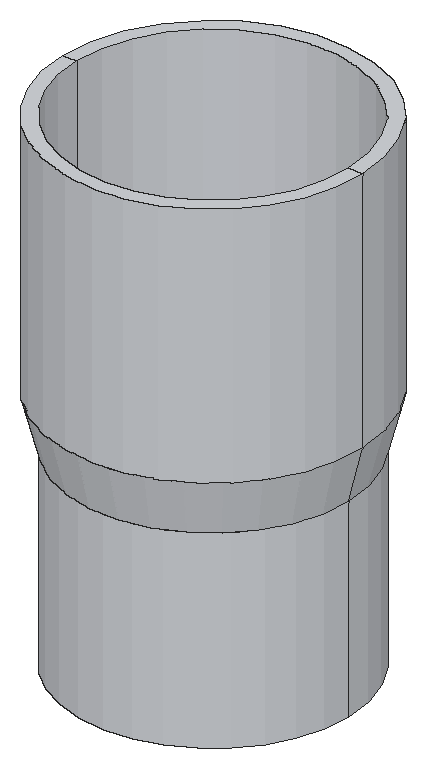
Revit family "FA2G", category Generic Models, Revit 2017
Family settings
  Can host rebar = No
  Round Connector Dimension = Use Diameter
  Part Type = Normal
  Work Plane-Based = Yes
  Always vertical = No
  Cut with Voids When Loaded = No
  Shared = No
  Room Calculation Point = No
Parameters (values of type "NBS Standard Parameters")
  Weight = "0.0286Kg"
  WarrantyStartDate [instance] = "1900-12-31T23:59:59"
  WarrantyGuarantorParts = "n/a"
  WarrantyGuarantorLabor = "n/a"
  WarrantyDurationUnit = "1 year"
  WarrantyDurationParts = "n/a"
  WarrantyDurationLabor = "n/a"
  WarrantyDescription = "n/a"
  Version = "1"
  Uniclass2 = "Pr_65_70_11_20"
  TagNumber [instance] = "n/a"
  SustainabilityPerformance = "n/a"
  Size = "3/4\" (Male)"
  Shape = "Circular"
  SerialNumber [instance] = "n/a"
  Revision = "n/a"
  ReplacementCost = "n/a"
  ProductInformation = "www.metpro.co.uk/pdf/FA2G.pdf"
  NominalWidth = 22 mm
  NominalLength = 22 mm
  NominalHeight = 36 mm
  Name = ""
  NBSTypeID = ""
  NBSReference = "90-55-10/460"
  NBSOfficeMasterTag = ""
  NBSNote = ""
  NBSDescription = "Conduit Fittings"
  NBSCertification = ""
  ModelReference = "FA2G"
  ModelNumber = "n/a"
  Material = "Steel"
  ManufacturerURL = "www.metpro.co.uk"
  ManufacturerName = "Metpro Ltd"
  Keynote = "Compliant to LU Standard  1-085"
  InstallationDate [instance] = "1900-12-31T23:59:59"
  IfcExportType = ""
  IfcExportAs = ""
  Grade = "n/a"
  Finish = "Galvanised"
  Features = "n/a"
  ExpectedLife = "n/a"
  DurationUnit = "year"
  Description = "FA2G  3/4\" (M) - 20mm (M) Conduit Adaptor"
  Default Elevation = 1219.2 mm
  Constituents = "n/a"
  Color = "n/a"
  CodePerformance = "n/a"
  Category = "n/a"
  BarCode [instance] = "n/a"
  BIMObjectName = "Metpro_Metprolibrary_Conduitfittings_Metalcomponents_Steelaccessories"
  Author = "Metpro Limited"
  AssetType = ""
  AssetIdentifier [instance] = "n/a"
  AccessibilityPerformance = "n/a"
Reference planes
  plane 1 "Center (Front/Back)": y = 0
  plane 2: z = 0
  plane 3 "Center (Left/Right)": x = 0
Forms (mm)
  Revolve 1, solid
    sketch origin (-11.449, -11.97, 26.2) x (0, 0, -1) y (1, 0, 0)
      loop
        line (-13.226, -4.348) -> (-13.226, -5.381) -> (4.782, -5.381) -> (7.899, -6.216) -> (22.789, -6.216) -> (22.789, -5.381) -> (8.636, -5.381) -> (4.782, -4.348) -> (-13.226, -4.348)
      axis (-13.226, -15.381) -> (22.789, -15.381)
    angle from 0 to 360
Dimensions and locks
  aligned and locked: level to plane 2
